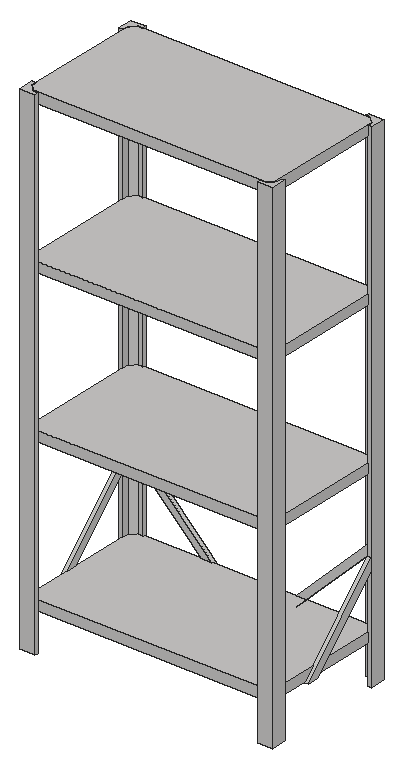
Revit family "QF_ZANUSSI_132945_NSC970", category Attrezzature speciali, Revit 2020
Family settings
  Quota connettore circolare = Usa diametro
  Tipo di parte = Normale
  Basato su piano di lavoro = No
  Sempre verticale = Sì
  Taglio con vuoti quando caricato = No
  Condiviso = No
  Punto di calcolo locali = No
Parameters (values of type "Standard")
  Weight = 33.00 kg
  Watts = 0 W
  Volts = 0 V
  URL Manufacturer = "http://www.zanussiprofessional.com"
  URL = "http://www.zanussiprofessional.com"
  Steam Supply Size = 0 mm
  Steam Supply Minimum Pressure = 0.0 Pa
  Steam Supply Maximum Pressure = 0.0 Pa
  Steam Consumption per Hour = 0
  Refrigeration Suction Line Size = 0.0 mm
  Refrigeration Liquid Line Size = 0.0 mm
  Refrigerant Compressor Remote = yes
  Prospetto di default = 0.0 mm
  Phase = 0
  Modello = "NSC970"
  Produttore = "Zanussi"
  Length Actual = 1000.0 mm  # constant formula
  Item Number = "132945"
  Hot Water Size = 0 mm
  Height Actual = 1990.0 mm  # constant formula
  HP = "0 HP"
  Gas Size = 0 mm
  Gas KW = 0
  Gas Input Pressure = 0 W
  Direct Waste Size = 0 mm
  Descrizione = "S/S SHELVING WITH 4 SOLID SHELVES, 970MM"
  Depth Actual = 550.0 mm  # constant formula
  Cycle = 0 Hz
  Condensate Return Size = 0 mm
  Compressed Air Volume = 0.0 L/s
  Compressed Air Size = 0 mm
  Compressed Air Pressure = 0.0 Pa
  Cold Water Size = 0 mm
  Accessory = yes
Reference planes
  plane 1 "Center (Front/Back)": y = 0
  plane 2: z = 0
  plane 3 "Center (Left/Right)": x = 0
  plane 4 "LEFT": x = -500
  plane 5 "RIGHT": x = 500
  plane 6 "BACK": y = 275
  plane 7 "FRONT": y = -275
  plane 8 "L1": z = 190
  plane 9 "TOP": z = 1990
  plane 10 "L2": z = 790
  plane 11 "L3": z = 1390
  plane 12: x = 440
  plane 13: y = -215
  plane 14: y = 215
  plane 15: x = -440
Forms (mm)
  Extrusion 1, solid, material "QF_Finishes_Stainless Steel"
    sketch origin (0, 0, 0) x (1, 0, 0) y (0, 1, 0)
      loop
        line (-500, 275) -> (-500, 215) -> (-485, 215) -> (-485, 237.5) -> (-462.5, 260) -> (-440, 260) -> (-440, 275) -> (-500, 275)
      loop
        line (-500, -275) -> (-440, -275) -> (-440, -260) -> (-462.5, -260) -> (-485, -237.5) -> (-485, -215) -> (-500, -215) -> (-500, -275)
    from 0 to 1990
  Extrusion 2, solid, material "QF_Finishes_Stainless Steel"
    sketch origin (0, 0, 1990) x (0, 1, 0) y (-1, 0, 0)
      loop
        line (-237.5, 485) -> (-260, 462.5) -> (-260, -462.5) -> (-237.5, -485) -> (237.5, -485) -> (260, -462.5) -> (260, 462.5) -> (237.5, 485) -> (-237.5, 485)
    from 0 to -40
  Extrusion 3, solid, material "QF_Finishes_Stainless Steel"
    sketch origin (0, 275, 0) x (1, 0, 0) y (0, 0, -1)
      loop
        line (170.026, -150) -> (127.6, -150) -> (457.678, -480.078) -> (478.891, -458.864) -> (170.026, -150)
    from 0 to -15
  Extrusion 4, solid, material "QF_Finishes_Stainless Steel"
    sketch origin (-500, 0, 0) x (0, 1, 0) y (0, 0, 1)
      loop
        line (-54.974, 150) -> (253.891, 458.864) -> (232.678, 480.078) -> (-97.4, 150) -> (-54.974, 150)
    from 0 to 15
  Extrusion 5, solid, material "QF_Finishes_Stainless Steel"
    sketch origin (500, 0, 0) x (0, 1, 0) y (0, 0, 1)
      loop
        line (-54.974, 150) -> (253.891, 458.864) -> (232.678, 480.078) -> (-97.4, 150) -> (-54.974, 150)
    from 0 to -15
  Extrusion 6, solid, material "QF_Finishes_Stainless Steel"
    sketch origin (0, 0, 0) x (-1, 0, 0) y (0, -1, 0)
      loop
        line (-500, -275) -> (-440, -275) -> (-440, -260) -> (-462.5, -260) -> (-485, -237.5) -> (-485, -215) -> (-500, -215) -> (-500, -275)
      loop
        line (-500, 275) -> (-500, 215) -> (-485, 215) -> (-485, 237.5) -> (-462.5, 260) -> (-440, 260) -> (-440, 275) -> (-500, 275)
    from 0 to 1990
  Extrusion 7, solid, material "QF_Finishes_Stainless Steel"
    sketch origin (0, 0, 190) x (0, 1, 0) y (-1, 0, 0)
      loop
        line (-237.5, 485) -> (-260, 462.5) -> (-260, -462.5) -> (-237.5, -485) -> (237.5, -485) -> (260, -462.5) -> (260, 462.5) -> (237.5, 485) -> (-237.5, 485)
    from 0 to -40
  Extrusion 8, solid, material "QF_Finishes_Stainless Steel"
    sketch origin (0, 0, 790) x (0, 1, 0) y (-1, 0, 0)
      loop
        line (-237.5, 485) -> (-260, 462.5) -> (-260, -462.5) -> (-237.5, -485) -> (237.5, -485) -> (260, -462.5) -> (260, 462.5) -> (237.5, 485) -> (-237.5, 485)
    from 0 to -40
  Extrusion 9, solid, material "QF_Finishes_Stainless Steel"
    sketch origin (0, 0, 1390) x (0, 1, 0) y (-1, 0, 0)
      loop
        line (-237.5, 485) -> (-260, 462.5) -> (-260, -462.5) -> (-237.5, -485) -> (237.5, -485) -> (260, -462.5) -> (260, 462.5) -> (237.5, 485) -> (-237.5, 485)
    from 0 to -40
  Extrusion 10, solid, material "QF_Finishes_Stainless Steel"
    sketch origin (0, 275, 0) x (-1, 0, 0) y (0, 0, 1)
      loop
        line (170.026, 150) -> (478.891, 458.864) -> (457.678, 480.078) -> (127.6, 150) -> (170.026, 150)
    from 0 to -15
Cuts and joins
  joined: Extrusion 1, Extrusion 3, Extrusion 4, Extrusion 5
Lines and regions (mm)
  symbolic lines
    curve 1: line (-500, 215, 190) -> (-500, 275, 190)
    curve 2: line (-500, 275, 190) -> (-440, 275, 190)
    curve 3: line (-440, 275, 190) -> (-440, 260, 190)
    curve 4: line (-440, 260, 190) -> (-462.5, 260, 190)
    curve 5: line (-462.5, 260, 190) -> (-485, 237.5, 190)
    curve 6: line (-485, 237.5, 190) -> (-485, 215, 190)
    curve 7: line (-485, 215, 190) -> (-500, 215, 190)
    curve 8: line (-500, -215, 190) -> (-485, -215, 190)
    curve 9: line (-485, -215, 190) -> (-485, -237.5, 190)
    curve 10: line (-485, -237.5, 190) -> (-462.5, -260, 190)
    curve 11: line (-462.5, -260, 190) -> (-440, -260, 190)
    curve 12: line (-440, -260, 190) -> (-440, -275, 190)
    curve 13: line (-440, -275, 190) -> (-500, -275, 190)
    curve 14: line (-500, -275, 190) -> (-500, -215, 190)
    curve 15: line (440, -275, 190) -> (500, -275, 190)
    curve 16: line (500, -275, 190) -> (500, -215, 190)
    curve 17: line (500, -215, 190) -> (485, -215, 190)
    curve 18: line (485, -215, 190) -> (485, -237.5, 190)
    curve 19: line (485, -237.5, 190) -> (462.5, -260, 190)
    curve 20: line (462.5, -260, 190) -> (440, -260, 190)
    curve 21: line (440, -260, 190) -> (440, -275, 190)
    curve 22: line (440, 275, 190) -> (440, 260, 190)
    curve 23: line (440, 260, 190) -> (462.5, 260, 190)
    curve 24: line (462.5, 260, 190) -> (485, 237.5, 190)
    curve 25: line (485, 237.5, 190) -> (485, 215, 190)
    curve 26: line (485, 215, 190) -> (500, 215, 190)
    curve 27: line (500, 215, 190) -> (500, 275, 190)
    curve 28: line (500, 275, 190) -> (440, 275, 190)
    curve 29: line (-440, 260, 190) -> (440, 260, 190)
    curve 30: line (485, 215, 190) -> (485, -215, 190)
    curve 31: line (440, -260, 190) -> (-440, -260, 190)
    curve 32: line (-485, -215, 190) -> (-485, 215, 190)
    curve 33: line (-500, -275, 190) -> (500, 275, 190)
Dimensions and locks
  plane 4 "LEFT" to plane 5 "RIGHT" = 1000.0 mm
  equal spacing: plane 4 "LEFT", plane 3 "Center (Left/Right)", plane 5 "RIGHT"
  equal spacing: plane 6 "BACK", plane 1 "Center (Front/Back)", plane 7 "FRONT"
  plane 6 "BACK" to plane 7 "FRONT" = 550.0 mm
  locked: plane 8 "L1" to level at 190
  locked: plane 9 "TOP" to level at 1990
  plane 9 "TOP" to plane 11 "L3" to plane 10 "L2" to plane 8 "L1" = 600.0 mm, 600.0 mm, 600.0 mm
  locked: cut or joined group of Extrusion 1, Extrusion 3, Extrusion 4, Extrusion 5 to cut or joined group of Extrusion 1, Extrusion 3, Extrusion 4, Extrusion 5 at 30
  locked: plane 5 "RIGHT" to Extrusion 3 sketch curve at 329.974
  locked: plane 6 "BACK" to plane 14 at 60
  locked: plane 13 to plane 7 "FRONT" at 60
  locked: plane 15 to plane 4 "LEFT" at 60
  locked: plane 5 "RIGHT" to plane 12 at 60
  locked: plane 8 "L1" to cut or joined group of Extrusion 1, Extrusion 3, Extrusion 4, Extrusion 5 (angle 45.00°)
  aligned and locked: level to plane 2
  aligned and locked: plane 4 "LEFT" to cut or joined group of Extrusion 1, Extrusion 3, Extrusion 4, Extrusion 5
  aligned and locked: cut or joined group of Extrusion 1, Extrusion 3, Extrusion 4, Extrusion 5 to plane 15
Automatic sketch dimensions
  Extrusion 1 sketch curve to plane 4 "LEFT" = 0.0 mm  (x2)
  Extrusion 1 sketch curve to plane 13 = 0.0 mm
  Extrusion 1 sketch curve to plane 14 = 0.0 mm
  Extrusion 1 sketch curve to plane 15 = 0.0 mm  (x2)
  Extrusion 1 sketch curve to plane 6 "BACK" = 0.0 mm
  Extrusion 1 sketch curve to plane 7 "FRONT" = 0.0 mm
  plane 4 "LEFT" to Extrusion 1 sketch curve = 15.0 mm  (x2)
  plane 15 to Extrusion 1 sketch curve = 22.5 mm  (x2)
  plane 7 "FRONT" to Extrusion 1 sketch curve = 15.0 mm
  Extrusion 1 sketch curve to Extrusion 1 sketch curve = 22.5 mm
  plane 14 to Extrusion 1 sketch curve = 22.5 mm
  Extrusion 1 sketch curve to Extrusion 1 sketch curve = 15.0 mm
  plane 7 "FRONT" to Extrusion 2 sketch curve = 15.0 mm
  Extrusion 2 sketch curve to plane 13 = 22.5 mm  (x2)
  plane 14 to Extrusion 2 sketch curve = 22.5 mm  (x2)
  Extrusion 2 sketch curve to plane 6 "BACK" = 15.0 mm
  Extrusion 2 sketch curve to plane 5 "RIGHT" = 15.0 mm
  Extrusion 2 sketch curve to plane 12 = 22.5 mm  (x2)
  plane 15 to Extrusion 2 sketch curve = 22.5 mm  (x2)
  plane 4 "LEFT" to Extrusion 2 sketch curve = 15.0 mm
  plane 8 "L1" to Extrusion 3 sketch curve = 40.0 mm
  Extrusion 3 sketch curve to Extrusion 3 sketch curve = 42.426 mm
  plane 12 to Extrusion 3 sketch curve = 17.678 mm
  plane 5 "RIGHT" to Extrusion 3 sketch curve = 21.109 mm
  Extrusion 4 sketch curve to plane 8 "L1" = 40.0 mm
  plane 1 "Center (Front/Back)" to Extrusion 4 sketch curve = 97.4 mm
  Extrusion 4 sketch curve to Extrusion 4 sketch curve = 42.426 mm
  plane 14 to Extrusion 4 sketch curve = 17.678 mm
  Extrusion 4 sketch curve to plane 6 "BACK" = 21.109 mm
  Extrusion 5 sketch curve to plane 8 "L1" = 40.0 mm
  plane 1 "Center (Front/Back)" to Extrusion 5 sketch curve = 97.4 mm
  Extrusion 5 sketch curve to Extrusion 5 sketch curve = 42.426 mm
  plane 14 to Extrusion 5 sketch curve = 17.678 mm
  Extrusion 5 sketch curve to plane 6 "BACK" = 21.109 mm
  Extrusion 6 sketch curve to plane 5 "RIGHT" = 0.0 mm  (x2)
  plane 13 to Extrusion 6 sketch curve = 0.0 mm
  plane 14 to Extrusion 6 sketch curve = 0.0 mm
  Extrusion 6 sketch curve to plane 12 = 0.0 mm  (x2)
  Extrusion 6 sketch curve to plane 6 "BACK" = 0.0 mm
  plane 7 "FRONT" to Extrusion 6 sketch curve = 0.0 mm
  plane 5 "RIGHT" to Extrusion 6 sketch curve = 15.0 mm  (x2)
  plane 12 to Extrusion 6 sketch curve = 22.5 mm  (x2)
  Extrusion 6 sketch curve to plane 7 "FRONT" = 15.0 mm
  plane 13 to Extrusion 6 sketch curve = 22.5 mm
  Extrusion 6 sketch curve to Extrusion 6 sketch curve = 22.5 mm
  plane 6 "BACK" to Extrusion 6 sketch curve = 15.0 mm
  plane 7 "FRONT" to Extrusion 7 sketch curve = 15.0 mm
  Extrusion 7 sketch curve to plane 13 = 22.5 mm  (x2)
  plane 14 to Extrusion 7 sketch curve = 22.5 mm  (x2)
  Extrusion 7 sketch curve to plane 6 "BACK" = 15.0 mm
  Extrusion 7 sketch curve to plane 5 "RIGHT" = 15.0 mm
  Extrusion 7 sketch curve to plane 12 = 22.5 mm  (x2)
  plane 15 to Extrusion 7 sketch curve = 22.5 mm  (x2)
  plane 4 "LEFT" to Extrusion 7 sketch curve = 15.0 mm
  plane 7 "FRONT" to Extrusion 8 sketch curve = 15.0 mm
  Extrusion 8 sketch curve to plane 13 = 22.5 mm  (x2)
  plane 14 to Extrusion 8 sketch curve = 22.5 mm  (x2)
  Extrusion 8 sketch curve to plane 6 "BACK" = 15.0 mm
  Extrusion 8 sketch curve to plane 5 "RIGHT" = 15.0 mm
  Extrusion 8 sketch curve to plane 12 = 22.5 mm  (x2)
  plane 15 to Extrusion 8 sketch curve = 22.5 mm  (x2)
  plane 4 "LEFT" to Extrusion 8 sketch curve = 15.0 mm
  plane 7 "FRONT" to Extrusion 9 sketch curve = 15.0 mm
  Extrusion 9 sketch curve to plane 13 = 22.5 mm  (x2)
  plane 14 to Extrusion 9 sketch curve = 22.5 mm  (x2)
  Extrusion 9 sketch curve to plane 6 "BACK" = 15.0 mm
  Extrusion 9 sketch curve to plane 5 "RIGHT" = 15.0 mm
  Extrusion 9 sketch curve to plane 12 = 22.5 mm  (x2)
  plane 15 to Extrusion 9 sketch curve = 22.5 mm  (x2)
  plane 4 "LEFT" to Extrusion 9 sketch curve = 15.0 mm
  curve 21 to plane 7 "FRONT" = 0.0 mm
  curve 33 to plane 4 "LEFT" = 0.0 mm
  curve 33 to plane 7 "FRONT" = 0.0 mm
  curve 31 to plane 12 = 0.0 mm
  curve 31 to plane 15 = 0.0 mm
  curve 8 to plane 13 = 0.0 mm
  plane 13 to curve 30 = 0.0 mm
  curve 1 to plane 4 "LEFT" = 0.0 mm
  curve 1 to plane 14 = 0.0 mm
  curve 26 to plane 5 "RIGHT" = 0.0 mm
  plane 14 to curve 26 = 0.0 mm
  curve 4 to plane 15 = 0.0 mm
  curve 23 to plane 12 = 0.0 mm
  plane 6 "BACK" to curve 27 = 0.0 mm
  curve 3 to plane 6 "BACK" = 0.0 mm
  curve 16 to plane 5 "RIGHT" = 0.0 mm
  curve 15 to curve 31 = 15.0 mm
  curve 10 to plane 13 = 22.5 mm
  curve 19 to plane 13 = 22.5 mm
  curve 25 to curve 24 = 22.5 mm
  curve 6 to curve 6 = 22.5 mm
  curve 23 to plane 6 "BACK" = 15.0 mm
  curve 26 to curve 25 = 15.0 mm
  curve 24 to curve 22 = 22.5 mm
  curve 20 to curve 20 = 22.5 mm
  plane 15 to curve 4 = 22.5 mm
  plane 15 to curve 11 = 22.5 mm
  plane 4 "LEFT" to curve 6 = 15.0 mm
  Extrusion 10 sketch curve to plane 8 "L1" = 40.0 mm
  Extrusion 10 sketch curve to plane 15 = 312.4 mm
  Extrusion 10 sketch curve to Extrusion 10 sketch curve = 42.426 mm
  plane 15 to Extrusion 10 sketch curve = 17.678 mm
  plane 4 "LEFT" to Extrusion 10 sketch curve = 21.109 mm
